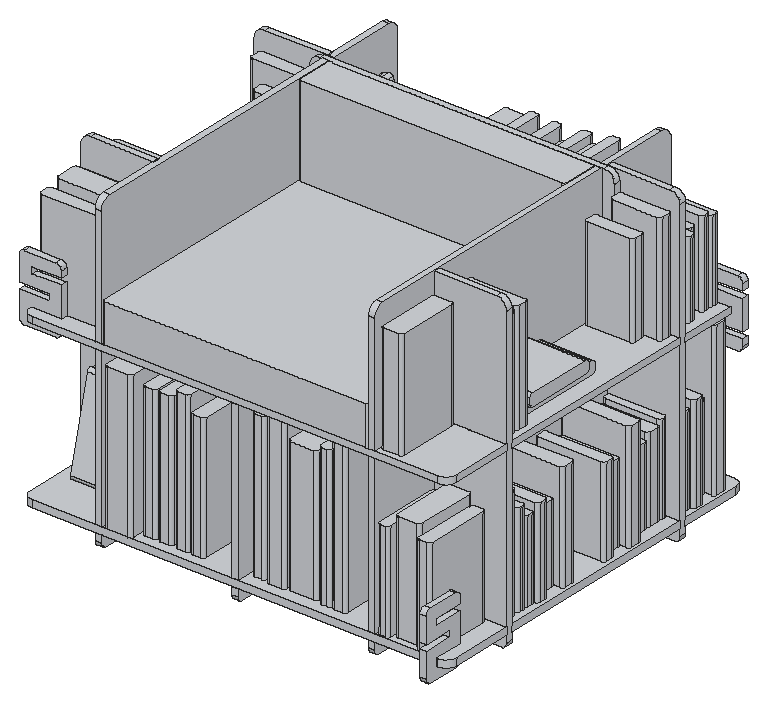
Revit family "The Peckham Book Throne", category Plumbing Fixtures, Revit 2014 (continued)
Forms (mm)
  Extrusion 80, solid, material <- "Book4"
    sketch origin (-712.842, -2466.959, 274.574) x (0, 1, 0) y (-1, 0, 0)
      loop
        arc (37.85, -662.355) -> (42.34, -660.495) -> (44.2, -656.005) r 6.35
        line (44.2, -656.005) -> (44.2, -557.003)
        arc (44.2, -557.003) -> (42.34, -552.513) -> (37.85, -550.653) r 6.35
        line (37.85, -550.653) -> (13.535, -550.653)
        arc (13.535, -550.653) -> (9.045, -552.513) -> (7.185, -557.003) r 6.35
        line (7.185, -557.003) -> (7.185, -656.005)
        arc (7.185, -656.005) -> (9.045, -660.495) -> (13.535, -662.355) r 6.35
        line (13.535, -662.355) -> (37.85, -662.355)
    from -237.215 to -85.364
  Extrusion 81, solid, material <- "Book4"
    sketch origin (-712.842, -2401.959, 274.574) x (0, 1, 0) y (-1, 0, 0)
      loop
        arc (37.85, -662.355) -> (42.34, -660.495) -> (44.2, -656.005) r 6.35
        line (44.2, -656.005) -> (44.2, -557.003)
        arc (44.2, -557.003) -> (42.34, -552.513) -> (37.85, -550.653) r 6.35
        line (37.85, -550.653) -> (13.535, -550.653)
        arc (13.535, -550.653) -> (9.045, -552.513) -> (7.185, -557.003) r 6.35
        line (7.185, -557.003) -> (7.185, -656.005)
        arc (7.185, -656.005) -> (9.045, -660.495) -> (13.535, -662.355) r 6.35
        line (13.535, -662.355) -> (37.85, -662.355)
    from -237.215 to -85.364
  Extrusion 82, solid, material <- "Book4"
    sketch origin (-712.842, -2371.959, 274.574) x (0, 1, 0) y (-1, 0, 0)
      loop
        arc (37.85, -662.355) -> (42.34, -660.495) -> (44.2, -656.005) r 6.35
        line (44.2, -656.005) -> (44.2, -557.003)
        arc (44.2, -557.003) -> (42.34, -552.513) -> (37.85, -550.653) r 6.35
        line (37.85, -550.653) -> (20.839, -550.653)
        arc (20.839, -550.653) -> (16.349, -552.513) -> (14.489, -557.003) r 6.35
        line (14.489, -557.003) -> (14.489, -656.005)
        arc (14.489, -656.005) -> (16.349, -660.495) -> (20.839, -662.355) r 6.35
        line (20.839, -662.355) -> (37.85, -662.355)
    from -237.215 to -72.626
  Extrusion 83, solid, material <- "Book4"
    sketch origin (-712.842, -2352.392, 274.574) x (0, 1, 0) y (-1, 0, 0)
      loop
        arc (37.85, -662.355) -> (42.34, -660.495) -> (44.2, -656.005) r 6.35
        line (44.2, -656.005) -> (44.2, -557.003)
        arc (44.2, -557.003) -> (42.34, -552.513) -> (37.85, -550.653) r 6.35
        line (37.85, -550.653) -> (31.1, -550.653)
        arc (31.1, -550.653) -> (26.61, -552.513) -> (24.75, -557.003) r 6.35
        line (24.75, -557.003) -> (24.75, -656.005)
        arc (24.75, -656.005) -> (26.61, -660.495) -> (31.1, -662.355) r 6.35
        line (31.1, -662.355) -> (37.85, -662.355)
    from -237.215 to -63.327
  Extrusion 84, solid
    sketch origin (-640.769, -2381.55, 1102.569) x (-1, 0, 0) y (0, 0, 1)
      loop
        arc (-442.069, -784.269) -> (-434.998, -781.34) -> (-432.069, -774.269) r 10
        line (-432.069, -774.269) -> (-432.069, -726.069) -> (-489.069, -726.069) -> (-489.069, -713.869) -> (-432.069, -713.869) -> (-432.069, -665.669)
        arc (-432.069, -665.669) -> (-434.998, -658.598) -> (-442.069, -655.669) r 10
        line (-442.069, -655.669) -> (-502.069, -655.669)
        arc (-502.069, -655.669) -> (-509.14, -658.598) -> (-512.069, -665.669) r 10
        line (-512.069, -665.669) -> (-512.069, -678.669) -> (-455.069, -678.669) -> (-455.069, -690.869) -> (-512.069, -690.869) -> (-512.069, -748.71) -> (-454.315, -748.71) -> (-454.315, -761.691) -> (-512.069, -761.691) -> (-512.069, -774.269)
        arc (-512.069, -774.269) -> (-509.14, -781.34) -> (-502.069, -784.269) r 10
        line (-502.069, -784.269) -> (-442.069, -784.269)
    from 0 to 12
  Extrusion 85, solid
    sketch origin (-640.769, -2185.563, 1067.169) x (-1, 0, 0) y (0, 0, 1)
      loop
        arc (-442.069, -784.269) -> (-434.998, -781.34) -> (-432.069, -774.269) r 10
        line (-432.069, -774.269) -> (-432.069, -726.069) -> (-489.069, -726.069) -> (-489.069, -713.869) -> (-432.069, -713.869) -> (-432.069, -665.669)
        arc (-432.069, -665.669) -> (-434.998, -658.598) -> (-442.069, -655.669) r 10
        line (-442.069, -655.669) -> (-502.069, -655.669)
        arc (-502.069, -655.669) -> (-509.14, -658.598) -> (-512.069, -665.669) r 10
        line (-512.069, -665.669) -> (-512.069, -678.669) -> (-455.069, -678.669) -> (-455.069, -690.869) -> (-512.069, -690.869) -> (-512.069, -748.71) -> (-454.315, -748.71) -> (-454.315, -761.691) -> (-512.069, -761.691) -> (-512.069, -774.269)
        arc (-512.069, -774.269) -> (-509.14, -781.34) -> (-502.069, -784.269) r 10
        line (-502.069, -784.269) -> (-442.069, -784.269)
    from 0 to 12
  Extrusion 86, solid, material <- "Book1"
    sketch origin (-25.412, -1623.787, 271.744) x (1, 0, 0) y (0, 1, 0)
      loop
        arc (74.935, -786.77) -> (79.425, -784.91) -> (81.285, -780.42) r 6.35
        line (81.285, -780.42) -> (81.285, -558.595)
        arc (81.285, -558.595) -> (79.425, -554.105) -> (74.935, -552.245) r 6.35
        line (74.935, -552.245) -> (61.12, -552.245)
        arc (61.12, -552.245) -> (56.629, -554.105) -> (54.77, -558.595) r 6.35
        line (54.77, -558.595) -> (54.77, -780.42)
        arc (54.77, -780.42) -> (56.629, -784.91) -> (61.12, -786.77) r 6.35
        line (61.12, -786.77) -> (74.935, -786.77)
    from -233.744 to 23.473
  Extrusion 87, solid, material <- "Book2"
    sketch origin (-50.517, -1572.252, 273.835) x (1, 0, 0) y (0, 1, 0)
      loop
        arc (68.525, -720.88) -> (73.015, -719.021) -> (74.875, -714.53) r 6.35
        line (74.875, -714.53) -> (74.875, -590.333)
        arc (74.875, -590.333) -> (73.015, -585.842) -> (68.525, -583.983) r 6.35
        line (68.525, -583.983) -> (28.575, -583.983)
        arc (28.575, -583.983) -> (24.085, -585.842) -> (22.225, -590.333) r 6.35
        line (22.225, -590.333) -> (22.225, -714.53)
        arc (22.225, -714.53) -> (24.085, -719.021) -> (28.575, -720.88) r 6.35
        line (28.575, -720.88) -> (68.525, -720.88)
    from -235.835 to 44.465
  Extrusion 88, solid, material <- "Book3"
    sketch origin (283.354, -2093.132, -524.416) x (0.965926, 0, 0.258819) y (0.258819, 0, -0.965926)
      loop
        arc (125.002, -729.086) -> (127.829, -725.132) -> (127.032, -720.338) r 6.35
        line (127.032, -720.338) -> (38.448, -578.232)
        arc (38.448, -578.232) -> (34.494, -575.405) -> (29.7, -576.202) r 6.35
        line (29.7, -576.202) -> (20.693, -581.817)
        arc (20.693, -581.817) -> (17.866, -585.771) -> (18.663, -590.565) r 6.35
        line (18.663, -590.565) -> (107.247, -732.671)
        arc (107.247, -732.671) -> (111.201, -735.498) -> (115.995, -734.701) r 6.35
        line (115.995, -734.701) -> (125.002, -729.086)
    from -203.2 to -101.6
  Extrusion 89, solid, material <- "Book4"
    sketch origin (218.158, -1594.888, 300.643) x (1, 0, 0) y (0, 1, 0)
      loop
        arc (77.999, -700.944) -> (82.489, -699.084) -> (84.349, -694.594) r 6.35
        line (84.349, -694.594) -> (84.349, -589.293)
        arc (84.349, -589.293) -> (82.489, -584.803) -> (77.999, -582.943) r 6.35
        line (77.999, -582.943) -> (54.197, -582.943)
        arc (54.197, -582.943) -> (49.707, -584.803) -> (47.847, -589.293) r 6.35
        line (47.847, -589.293) -> (47.847, -694.594)
        arc (47.847, -694.594) -> (49.707, -699.084) -> (54.197, -700.944) r 6.35
        line (54.197, -700.944) -> (77.999, -700.944)
    from -262.643 to 29.981
  Extrusion 90, solid, material <- "Book4"
    sketch origin (138.759, -1620.113, 275.418) x (1, 0, 0) y (0, 1, 0)
      loop
        arc (115.896, -657.723) -> (120.386, -655.863) -> (122.246, -651.373) r 6.35
        line (122.246, -651.373) -> (122.246, -567.668)
        arc (122.246, -567.668) -> (120.386, -563.178) -> (115.896, -561.318) r 6.35
        line (115.896, -561.318) -> (103.196, -561.318)
        arc (103.196, -561.318) -> (98.706, -563.178) -> (96.846, -567.668) r 6.35
        line (96.846, -567.668) -> (96.846, -651.373)
        arc (96.846, -651.373) -> (98.706, -655.863) -> (103.196, -657.723) r 6.35
        line (103.196, -657.723) -> (115.896, -657.723)
    from -237.418 to 42.882
  Extrusion 91, solid, material <- "Book1"
    sketch origin (4.588, -1623.787, 271.744) x (1, 0, 0) y (0, 1, 0)
      loop
        arc (74.935, -663.047) -> (79.425, -661.187) -> (81.285, -656.697) r 6.35
        line (81.285, -656.697) -> (81.285, -558.595)
        arc (81.285, -558.595) -> (79.425, -554.105) -> (74.935, -552.245) r 6.35
        line (74.935, -552.245) -> (61.12, -552.245)
        arc (61.12, -552.245) -> (56.629, -554.105) -> (54.77, -558.595) r 6.35
        line (54.77, -558.595) -> (54.77, -656.697)
        arc (54.77, -656.697) -> (56.629, -661.187) -> (61.12, -663.047) r 6.35
        line (61.12, -663.047) -> (74.935, -663.047)
    from -233.744 to 23.473
  Extrusion 92, solid, material <- "Book1"
    sketch origin (37.247, -1623.787, 271.744) x (1, 0, 0) y (0, 1, 0)
      loop
        arc (74.935, -794.501) -> (79.425, -792.641) -> (81.285, -788.151) r 6.35
        line (81.285, -788.151) -> (81.285, -558.595)
        arc (81.285, -558.595) -> (79.425, -554.105) -> (74.935, -552.245) r 6.35
        line (74.935, -552.245) -> (61.12, -552.245)
        arc (61.12, -552.245) -> (56.629, -554.105) -> (54.77, -558.595) r 6.35
        line (54.77, -558.595) -> (54.77, -788.151)
        arc (54.77, -788.151) -> (56.629, -792.641) -> (61.12, -794.501) r 6.35
        line (61.12, -794.501) -> (74.935, -794.501)
    from -233.744 to 36.284
  Extrusion 93, solid, material <- "Book1"
    sketch origin (67.247, -1623.787, 271.744) x (1, 0, 0) y (0, 1, 0)
      loop
        arc (74.935, -756.397) -> (79.425, -754.537) -> (81.285, -750.047) r 6.35
        line (81.285, -750.047) -> (81.285, -558.595)
        arc (81.285, -558.595) -> (79.425, -554.105) -> (74.935, -552.245) r 6.35
        line (74.935, -552.245) -> (61.12, -552.245)
        arc (61.12, -552.245) -> (56.629, -554.105) -> (54.77, -558.595) r 6.35
        line (54.77, -558.595) -> (54.77, -750.047)
        arc (54.77, -750.047) -> (56.629, -754.537) -> (61.12, -756.397) r 6.35
        line (61.12, -756.397) -> (74.935, -756.397)
    from -233.744 to 7.3
  Extrusion 94, solid, material <- "Book4"
    sketch origin (218.759, -1620.113, 275.418) x (1, 0, 0) y (0, 1, 0)
      loop
        arc (136.786, -798.175) -> (141.276, -796.315) -> (143.136, -791.825) r 6.35
        line (143.136, -791.825) -> (143.136, -567.668)
        arc (143.136, -567.668) -> (141.276, -563.178) -> (136.786, -561.318) r 6.35
        line (136.786, -561.318) -> (92.317, -561.318)
        arc (92.317, -561.318) -> (87.827, -563.178) -> (85.967, -567.668) r 6.35
        line (85.967, -567.668) -> (85.967, -791.825)
        arc (85.967, -791.825) -> (87.827, -796.315) -> (92.317, -798.175) r 6.35
        line (92.317, -798.175) -> (136.786, -798.175)
    from -237.418 to 19.798
  Extrusion 95, solid, material <- "Book4"
    sketch origin (313.158, -1594.888, 300.643) x (1, 0, 0) y (0, 1, 0)
      loop
        arc (69.922, -700.944) -> (74.412, -699.084) -> (76.272, -694.594) r 6.35
        line (76.272, -694.594) -> (76.272, -589.293)
        arc (76.272, -589.293) -> (74.412, -584.803) -> (69.922, -582.943) r 6.35
        line (69.922, -582.943) -> (60.546, -582.943)
        arc (60.546, -582.943) -> (56.056, -584.803) -> (54.196, -589.293) r 6.35
        line (54.196, -589.293) -> (54.196, -694.594)
        arc (54.196, -694.594) -> (56.056, -699.084) -> (60.546, -700.944) r 6.35
        line (60.546, -700.944) -> (69.922, -700.944)
    from -262.643 to 7.386
  Extrusion 96, solid, material <- "Book4"
    sketch origin (343.158, -1594.888, 300.643) x (1, 0, 0) y (0, 1, 0)
      loop
        arc (69.922, -700.944) -> (74.412, -699.084) -> (76.272, -694.594) r 6.35
        line (76.272, -694.594) -> (76.272, -589.293)
        arc (76.272, -589.293) -> (74.412, -584.803) -> (69.922, -582.943) r 6.35
        line (69.922, -582.943) -> (55.381, -582.943)
        arc (55.381, -582.943) -> (50.891, -584.803) -> (49.031, -589.293) r 6.35
        line (49.031, -589.293) -> (49.031, -694.594)
        arc (49.031, -694.594) -> (50.891, -699.084) -> (55.381, -700.944) r 6.35
        line (55.381, -700.944) -> (69.922, -700.944)
    from -262.643 to 29.981
  Extrusion 97, solid, material <- "Book1"
    sketch origin (534.57, -1613.339, 587.044) x (-1, 0, 0) y (0, -1, 0)
      loop
        line (74.935, 695.608) -> (61.12, 695.608)
        arc (61.12, 695.608) -> (56.629, 693.748) -> (54.77, 689.258) r 6.35
        line (54.77, 689.258) -> (54.77, 572.586)
        arc (54.77, 572.586) -> (56.629, 568.096) -> (61.12, 566.236) r 6.35
        line (61.12, 566.236) -> (74.935, 566.236)
        arc (74.935, 566.236) -> (79.425, 568.096) -> (81.285, 572.586) r 6.35
        line (81.285, 572.586) -> (81.285, 689.258)
        arc (81.285, 689.258) -> (79.425, 693.748) -> (74.935, 695.608) r 6.35
    from -233.744 to -20.069
  Extrusion 98, solid, material <- "Book1"
    sketch origin (508.055, -1613.339, 587.044) x (-1, 0, 0) y (0, -1, 0)
      loop
        line (66.905, 695.608) -> (61.12, 695.608)
        arc (61.12, 695.608) -> (56.629, 693.748) -> (54.77, 689.258) r 6.35
        line (54.77, 689.258) -> (54.77, 562.586)
        arc (54.77, 562.586) -> (56.629, 558.096) -> (61.12, 556.236) r 6.35
        line (61.12, 556.236) -> (66.905, 556.236)
        arc (66.905, 556.236) -> (71.395, 558.096) -> (73.255, 562.586) r 6.35
        line (73.255, 562.586) -> (73.255, 689.258)
        arc (73.255, 689.258) -> (71.395, 693.748) -> (66.905, 695.608) r 6.35
    from -233.744 to -40.011
  Extrusion 99, solid, material <- "Book1"
    sketch origin (488.055, -1613.339, 587.044) x (-1, 0, 0) y (0, -1, 0)
      loop
        line (66.905, 695.608) -> (61.12, 695.608)
        arc (61.12, 695.608) -> (56.629, 693.748) -> (54.77, 689.258) r 6.35
        line (54.77, 689.258) -> (54.77, 578.39)
        arc (54.77, 578.39) -> (56.629, 573.9) -> (61.12, 572.04) r 6.35
        line (61.12, 572.04) -> (66.905, 572.04)
        arc (66.905, 572.04) -> (71.395, 573.9) -> (73.255, 578.39) r 6.35
        line (73.255, 578.39) -> (73.255, 689.258)
        arc (73.255, 689.258) -> (71.395, 693.748) -> (66.905, 695.608) r 6.35
    from -233.744 to -63.95
  Extrusion 100, solid, material <- "Book1"
    sketch origin (468.055, -1613.339, 587.044) x (-1, 0, 0) y (0, -1, 0)
      loop
        line (66.905, 695.608) -> (61.12, 695.608)
        arc (61.12, 695.608) -> (56.629, 693.748) -> (54.77, 689.258) r 6.35
        line (54.77, 689.258) -> (54.77, 567.586)
        arc (54.77, 567.586) -> (56.629, 563.096) -> (61.12, 561.236) r 6.35
        line (61.12, 561.236) -> (66.905, 561.236)
        arc (66.905, 561.236) -> (71.395, 563.096) -> (73.255, 567.586) r 6.35
        line (73.255, 567.586) -> (73.255, 689.258)
        arc (73.255, 689.258) -> (71.395, 693.748) -> (66.905, 695.608) r 6.35
    from -233.744 to -27.562
  Extrusion 101, solid, material <- "Book1"
    sketch origin (448.055, -1613.339, 587.044) x (-1, 0, 0) y (0, -1, 0)
      loop
        line (86.122, 695.608) -> (61.12, 695.608)
        arc (61.12, 695.608) -> (56.629, 693.748) -> (54.77, 689.258) r 6.35
        line (54.77, 689.258) -> (54.77, 567.586)
        arc (54.77, 567.586) -> (56.629, 563.096) -> (61.12, 561.236) r 6.35
        line (61.12, 561.236) -> (86.122, 561.236)
        arc (86.122, 561.236) -> (90.612, 563.096) -> (92.472, 567.586) r 6.35
        line (92.472, 567.586) -> (92.472, 689.258)
        arc (92.472, 689.258) -> (90.612, 693.748) -> (86.122, 695.608) r 6.35
    from -233.744 to -53.482
  Extrusion 102, solid, material <- "Book1"
    sketch origin (410.353, -1613.339, 587.044) x (-1, 0, 0) y (0, -1, 0)
      loop
        line (66.905, 695.608) -> (61.12, 695.608)
        arc (61.12, 695.608) -> (56.629, 693.748) -> (54.77, 689.258) r 6.35
        line (54.77, 689.258) -> (54.77, 562.586)
        arc (54.77, 562.586) -> (56.629, 558.096) -> (61.12, 556.236) r 6.35
        line (61.12, 556.236) -> (66.905, 556.236)
        arc (66.905, 556.236) -> (71.395, 558.096) -> (73.255, 562.586) r 6.35
        line (73.255, 562.586) -> (73.255, 689.258)
        arc (73.255, 689.258) -> (71.395, 693.748) -> (66.905, 695.608) r 6.35
    from -233.744 to -40.011
  Extrusion 103, solid, material <- "Book1"
    sketch origin (390.353, -1613.339, 587.044) x (-1, 0, 0) y (0, -1, 0)
      loop
        line (66.905, 695.608) -> (61.12, 695.608)
        arc (61.12, 695.608) -> (56.629, 693.748) -> (54.77, 689.258) r 6.35
        line (54.77, 689.258) -> (54.77, 578.39)
        arc (54.77, 578.39) -> (56.629, 573.9) -> (61.12, 572.04) r 6.35
        line (61.12, 572.04) -> (66.905, 572.04)
        arc (66.905, 572.04) -> (71.395, 573.9) -> (73.255, 578.39) r 6.35
        line (73.255, 578.39) -> (73.255, 689.258)
        arc (73.255, 689.258) -> (71.395, 693.748) -> (66.905, 695.608) r 6.35
    from -233.744 to -86.202
  Extrusion 104, solid, material <- "Book1"
    sketch origin (370.353, -1613.339, 587.044) x (-1, 0, 0) y (0, -1, 0)
      loop
        line (66.905, 695.608) -> (61.12, 695.608)
        arc (61.12, 695.608) -> (56.629, 693.748) -> (54.77, 689.258) r 6.35
        line (54.77, 689.258) -> (54.77, 567.586)
        arc (54.77, 567.586) -> (56.629, 563.096) -> (61.12, 561.236) r 6.35
        line (61.12, 561.236) -> (66.905, 561.236)
        arc (66.905, 561.236) -> (71.395, 563.096) -> (73.255, 567.586) r 6.35
        line (73.255, 567.586) -> (73.255, 689.258)
        arc (73.255, 689.258) -> (71.395, 693.748) -> (66.905, 695.608) r 6.35
    from -233.744 to -68.961
  Extrusion 105, solid, material <- "Book1"
    sketch origin (351.868, -1613.339, 587.044) x (-1, 0, 0) y (0, -1, 0)
      loop
        line (66.905, 695.608) -> (61.12, 695.608)
        arc (61.12, 695.608) -> (56.629, 693.748) -> (54.77, 689.258) r 6.35
        line (54.77, 689.258) -> (54.77, 562.586)
        arc (54.77, 562.586) -> (56.629, 558.096) -> (61.12, 556.236) r 6.35
        line (61.12, 556.236) -> (66.905, 556.236)
        arc (66.905, 556.236) -> (71.395, 558.096) -> (73.255, 562.586) r 6.35
        line (73.255, 562.586) -> (73.255, 689.258)
        arc (73.255, 689.258) -> (71.395, 693.748) -> (66.905, 695.608) r 6.35
    from -233.744 to -45.622
  Extrusion 106, solid, material <- "Book1"
    sketch origin (331.868, -1613.339, 587.044) x (-1, 0, 0) y (0, -1, 0)
      loop
        line (66.905, 695.608) -> (61.12, 695.608)
        arc (61.12, 695.608) -> (56.629, 693.748) -> (54.77, 689.258) r 6.35
        line (54.77, 689.258) -> (54.77, 578.39)
        arc (54.77, 578.39) -> (56.629, 573.9) -> (61.12, 572.04) r 6.35
        line (61.12, 572.04) -> (66.905, 572.04)
        arc (66.905, 572.04) -> (71.395, 573.9) -> (73.255, 578.39) r 6.35
        line (73.255, 578.39) -> (73.255, 689.258)
        arc (73.255, 689.258) -> (71.395, 693.748) -> (66.905, 695.608) r 6.35
    from -233.744 to -86.202
  Extrusion 107, solid, material <- "Book1"
    sketch origin (311.868, -1613.339, 587.044) x (-1, 0, 0) y (0, -1, 0)
      loop
        line (66.905, 695.608) -> (61.12, 695.608)
        arc (61.12, 695.608) -> (56.629, 693.748) -> (54.77, 689.258) r 6.35
        line (54.77, 689.258) -> (54.77, 567.586)
        arc (54.77, 567.586) -> (56.629, 563.096) -> (61.12, 561.236) r 6.35
        line (61.12, 561.236) -> (66.905, 561.236)
        arc (66.905, 561.236) -> (71.395, 563.096) -> (73.255, 567.586) r 6.35
        line (73.255, 567.586) -> (73.255, 689.258)
        arc (73.255, 689.258) -> (71.395, 693.748) -> (66.905, 695.608) r 6.35
    from -233.744 to -40.011
  Extrusion 108, solid, material <- "Book4"
    sketch origin (485.468, -3462.999, 580.394) x (1, 0, 0) y (0, 1, 0)
      loop
        line (42.966, 734.557) -> (14.511, 734.557)
        arc (14.511, 734.557) -> (10.021, 732.697) -> (8.161, 728.207) r 6.35
        line (8.161, 728.207) -> (8.161, 615.253)
        arc (8.161, 615.253) -> (10.021, 610.763) -> (14.511, 608.903) r 6.35
        line (14.511, 608.903) -> (42.966, 608.903)
        arc (42.966, 608.903) -> (47.456, 610.763) -> (49.316, 615.253) r 6.35
        line (49.316, 615.253) -> (49.316, 728.207)
        arc (49.316, 728.207) -> (47.456, 732.697) -> (42.966, 734.557) r 6.35
    from -227.094 to -17.491
  Extrusion 109, solid, material <- "Book1"
    sketch origin (291.868, -1613.339, 587.044) x (-1, 0, 0) y (0, -1, 0)
      loop
        line (95.328, 695.608) -> (61.12, 695.608)
        arc (61.12, 695.608) -> (56.629, 693.748) -> (54.77, 689.258) r 6.35
        line (54.77, 689.258) -> (54.77, 567.586)
        arc (54.77, 567.586) -> (56.629, 563.096) -> (61.12, 561.236) r 6.35
        line (61.12, 561.236) -> (95.328, 561.236)
        arc (95.328, 561.236) -> (99.818, 563.096) -> (101.678, 567.586) r 6.35
        line (101.678, 567.586) -> (101.678, 689.258)
        arc (101.678, 689.258) -> (99.818, 693.748) -> (95.328, 695.608) r 6.35
    from -233.744 to -50.634
  Extrusion 110, solid, material <- "Book3"
    sketch origin (99.466, -2093.132, -209.016) x (0.965926, 0, 0.258819) y (0.258819, 0, -0.965926)
      loop
        arc (78.155, -745.529) -> (82.645, -743.669) -> (84.505, -739.179) r 6.35
        line (84.505, -739.179) -> (84.505, -571.724)
        arc (84.505, -571.724) -> (82.645, -567.234) -> (78.155, -565.374) r 6.35
        line (78.155, -565.374) -> (67.54, -565.374)
        arc (67.54, -565.374) -> (63.05, -567.234) -> (61.19, -571.724) r 6.35
        line (61.19, -571.724) -> (61.19, -739.179)
        arc (61.19, -739.179) -> (63.05, -743.669) -> (67.54, -745.529) r 6.35
        line (67.54, -745.529) -> (78.155, -745.529)
    from -203.2 to -101.6
  Extrusion 111, solid, material <- "Book3"
    sketch origin (703.161, -2464.408, -261.05) x (0, 0.965926, 0.258819) y (0, -0.258819, 0.965926)
      loop
        line (-12.787, 683.892) -> (-15.534, 673.639)
        arc (-15.534, 673.639) -> (-14.9, 668.821) -> (-11.044, 665.862) r 6.35
        line (-11.044, 665.862) -> (112.195, 632.84)
        arc (112.195, 632.84) -> (117.014, 633.475) -> (119.972, 637.33) r 6.35
        line (119.972, 637.33) -> (122.719, 647.583)
        arc (122.719, 647.583) -> (122.085, 652.401) -> (118.229, 655.36) r 6.35
        line (118.229, 655.36) -> (-5.01, 688.382)
        arc (-5.01, 688.382) -> (-9.829, 687.747) -> (-12.787, 683.892) r 6.35
    from -203.2 to -81.891
  Extrusion 112, solid, material <- "Book3"
    sketch origin (-254.633, -2703.766, -523.474) x (0, 0.965926, 0.258819) y (0, 0.258819, -0.965926)
      loop
        arc (163.538, -720.822) -> (166.563, -717.018) -> (166.013, -712.189) r 6.35
        line (166.013, -712.189) -> (84.829, -565.73)
        arc (84.829, -565.73) -> (81.026, -562.704) -> (76.197, -563.254) r 6.35
        line (76.197, -563.254) -> (66.914, -568.4)
        arc (66.914, -568.4) -> (63.888, -572.204) -> (64.438, -577.033) r 6.35
        line (64.438, -577.033) -> (145.622, -723.492)
        arc (145.622, -723.492) -> (149.426, -726.518) -> (154.254, -725.968) r 6.35
        line (154.254, -725.968) -> (163.538, -720.822)
    from -203.2 to -101.6
Dimensions and locks
  plane 15 to plane 16 = 12 mm
Types (7, lengths in mm): name | Assembly Code | Depth | Width
  36" x 36" | "D2010710" | 914.4 | 1486
  32" x 32" | "D2010710" | 812.8 | 812.8
  48" x 34" | "D2010710" | 863.6 | 1219.2
  810 x 810mm | 0 | 812.8 | 812.8
  910 x 910mm | 0 | 914.4 | 914.4
  1220 x 860mm | 0 | 863.6 | 1219.2
  1000x800 | 0 | 800 | 1000
